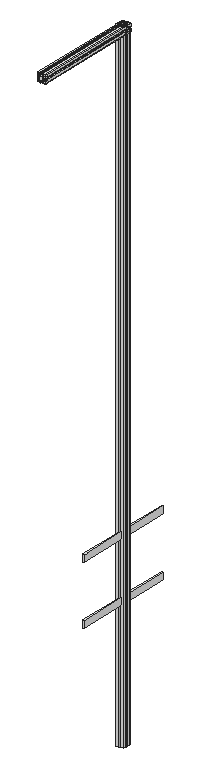
Revit family "Assmbly_PC2-Pole_2Bkt-Opp_Rakks", category Specialty Equipment, Revit 2026
Family settings
  Round Connector Dimension = Use Diameter
  Part Type = Normal
  Classification Number = 23.40.50.31.11.14
  Work Plane-Based = No
  Enable Cutting in Views = No
  Always vertical = Yes
  Cut with Voids When Loaded = No
  Maintain Annotation Orientation = No
  Shared = Yes
  Room Calculation Point = No
Parameters
  Warranty Duration (Years) = 0
  Wall Location [instance] = 1' - 7.30285"
  Unit Height [instance] = 10' - 0"
  URL = "http://www.rakks.com/"
  Type Comments = "Universal and Aria Brackets may not be used with SQ Standards"
  Test Data = "http://www.rakks.com/pdfs/Rangine_Corporation_Leed_Statement.pdf"
  Pole Type [instance] = Pole-PC2_Rakks : G Mount
  Specification = "http://www.arcat.com/sdspecs/htm/10670rak.htm"
  Shelf Overhang = 0' - 2"
  Shelf Length [instance] = 3' - 0"
  Send Message = "http://www.arcat.com/users.pl?action=UserEmail&company=Rangine%20Corp.%20-%20Rakks&coid=35076&rep=116&fax=781-455-8702&mf="
  Sales Information = "http://store.rakks.com/"
  Revision = "R1_03-2010"
  Product Properties = "http://www.arcat.com/bim/bim_info.pl?fn=Shelving_Rakks"
  Product Data = "http://www.arcat.com/arcatcos/cos35/arc35076.html"
  Model = ""
  Material = Metal - Clear Anodized
  Manufacturer's Notes = "Aluminum Shelves may only be used with rectangular brackets"
  Manufacturer Website = "http://www.rakks.com/"
  Manufacturer Phone - Toll Free = "800-826-6006"
  Manufacturer Phone = "781-455-8700"
  Manufacturer Fax = "781-455-8702"
  Manufacturer Address = "330 Reservoir St., Needham, MA 02494"
  Manufacturer = "Rangine Corp. - Rakks"
  Maintenance Schedule (Months) = 0
  Keynote = "10 56 00"
  Installation-Fabrication = "http://www.rakks.com/literature/install.html"
  Installation Phase = ""
  Ht8 [instance] = 1' - 1"
  Ht7 [instance] = 1' - 1"
  Ht6 [instance] = 0' - 11 15/32"
  Ht5 [instance] = 0' - 10 25/32"
  Ht4 [instance] = 1' - 2"
  Ht3 [instance] = 1' - 4"
  Ht2 [instance] = 0' - 11"
  Ht1 [instance] = 2' - 0 3/4"
  Green Building-LEED = "http://www.arcat.com/green/clients/leed_data_35076.html"
  Expected Lifespan (Years) = 0
  Drawn By = "Robert S. Weygant, CSI, CDT, SCIP"
  Description = ""
  Default Elevation = 0' - 0"
  Copyright = "2010, ARCAT, Inc"
  Construction Details = "http://www.arcat.com/details/rangine/rangine.html?coid=35076"
  Capacity (Weight) = 0.00 lbf
  Building Codes = ""
  Brackets [instance] = 2
  Bracket Type [instance] = Bkt-Rectangular_Rakks : Bkt-Rectangular_Rakks
  Bracket Location = 0' - 0 3/8"
  Assembly Code = "E1010500"
  8Bkt [instance] = Brackets > 7  # no
  7Bkt [instance] = Brackets > 6  # no
  6Bkt [instance] = Brackets > 5  # no
  5Bkt [instance] = Brackets > 4  # no
  4Bkt [instance] = Brackets > 3  # no
  3Bkt [instance] = Brackets > 2  # no
  2Bkt [instance] = Brackets > 1  # yes
Reference planes (in)
  plane 1 "Center (Front/Back)": y = 0
  plane 2: z = 0
  plane 3 "Center (Left/Right)": x = 0.21548
  plane 4: z = 120
  plane 5: y = -0.375
  plane 6: z = 24.75
  plane 7: z = 35.75
  plane 8: z = 51.75
  plane 9: z = 65.75
  plane 10: z = 76.53125
  plane 11: z = 88
  plane 12: x = 34.21548
  plane 13: x = -1.78452
  plane 14: x = 32.21548
  plane 15: y = -0.75
  plane 16: z = 101
  plane 17: z = 114
  plane 18: y = 0.375
  plane 19: y = 0.75
  plane 20: x = -0.15952
  plane 21: x = 0.59048
  plane 22: y = -18.92785
Dimensions and locks (in)
  "Unit Height": plane 4 to plane 2
  "Bracket Location": plane 5 to plane 1 "Center (Front/Back)"
  "Ht1": plane 6 to plane 2
  "Ht2": plane 7 to plane 6
  "Ht3": plane 8 to plane 7
  "Ht4": plane 9 to plane 8
  "Ht5": plane 10 to plane 9
  "Ht6": plane 11 to plane 10
  "Shelf Overhang": plane 13 to plane 3 "Center (Left/Right)"
  "Shelf Overhang": plane 14 to plane 12
  "Shelf Length": plane 13 to plane 12
  locked: plane 15 to plane 1 "Center (Front/Back)" at 0.75
  "Ht7": plane 16 to plane 11
  "Ht8": plane 17 to plane 16
  "Bracket Location": plane 1 "Center (Front/Back)" to plane 18
  locked: plane 1 "Center (Front/Back)" to plane 19 at 0.75
  "Bracket Location": plane 20 to plane 3 "Center (Left/Right)"
  "Bracket Location": plane 3 "Center (Left/Right)" to plane 21
  "Wall Location": plane 18 to plane 22
  aligned and locked: nested 1 to plane 3 "Center (Left/Right)"
  aligned and locked: plane 1 "Center (Front/Back)" to nested 1
  aligned and locked: nested 2 to plane 3 "Center (Left/Right)"
  aligned and locked: nested 2 to plane 5
  aligned and locked: plane 6 to nested 2
  aligned and locked: plane 11 to nested 7
  aligned and locked: plane 10 to nested 6
  aligned and locked: plane 9 to nested 5
  aligned and locked: plane 8 to nested 4
  aligned and locked: plane 7 to nested 3
  aligned and locked: plane 16 to nested 8
  aligned and locked: nested 8 to plane 5
  aligned and locked: plane 17 to nested 9
  aligned and locked: nested 9 to plane 5
  aligned and locked: plane 3 "Center (Left/Right)" to nested 5
  aligned and locked: plane 3 "Center (Left/Right)" to nested 6
  aligned and locked: plane 3 "Center (Left/Right)" to nested 7
  aligned and locked: plane 3 "Center (Left/Right)" to nested 4
  aligned and locked: plane 3 "Center (Left/Right)" to nested 3
  aligned and locked: nested 11 to plane 3 "Center (Left/Right)"
  aligned and locked: nested 10 to plane 3 "Center (Left/Right)"
  aligned and locked: nested 12 to plane 3 "Center (Left/Right)"
  aligned and locked: nested 13 to plane 3 "Center (Left/Right)"
  aligned and locked: nested 14 to plane 3 "Center (Left/Right)"
  aligned and locked: nested 15 to plane 3 "Center (Left/Right)"
  aligned and locked: plane 3 "Center (Left/Right)" to nested 16
  aligned and locked: plane 3 "Center (Left/Right)" to nested 17
  aligned and locked: nested 17 to plane 17
  aligned and locked: nested 16 to plane 16
  aligned and locked: nested 15 to plane 11
  aligned and locked: nested 14 to plane 10
  aligned and locked: nested 13 to plane 9
  aligned and locked: nested 12 to plane 8
  aligned and locked: nested 11 to plane 7
  aligned and locked: nested 10 to plane 6
  aligned and locked: nested 10 to plane 18
  aligned and locked: nested 11 to plane 18
  aligned and locked: nested 12 to plane 18
  aligned and locked: nested 13 to plane 18
  aligned and locked: nested 14 to plane 18
  aligned and locked: nested 15 to plane 18
  aligned and locked: nested 16 to plane 18
  aligned and locked: nested 17 to plane 18
  aligned and locked: nested 7 to plane 5
  aligned and locked: nested 6 to plane 5
  aligned and locked: nested 5 to plane 5
  aligned and locked: nested 4 to plane 5
  aligned and locked: nested 3 to plane 5
  aligned and locked: nested 1 to plane 22
Nested families (in)
  nested 1: "Pole-PC2_Rakks" at (0.21548, 0, 0), type <- "Pole Type", Unit Height <- "Unit Height", type "G Mount"
    with Wall Location 1' - 6.92785", Unit Height 10' - 0", Return to Wall yes
  nested 2: "Bkt-Rectangular_Rakks" at (0.21548, -0.375, 24.75), type <- "Bracket Type", type "Bkt-Rectangular_Rakks"
  nested 3: "Bkt-Rectangular_Rakks" at (0.21548, -0.375, 35.75), type <- "Bracket Type", visible <- "2Bkt", type "Bkt-Rectangular_Rakks"
  nested 4: "Bkt-Rectangular_Rakks" at (0.21548, -0.375, 51.75), type <- "Bracket Type", visible <- "3Bkt", type "Bkt-Rectangular_Rakks"
  nested 5: "Bkt-Rectangular_Rakks" at (0.21548, -0.375, 65.75), type <- "Bracket Type", visible <- "4Bkt", type "Bkt-Rectangular_Rakks"
  nested 6: "Bkt-Rectangular_Rakks" at (0.21548, -0.375, 76.53125), type <- "Bracket Type", visible <- "5Bkt", type "Bkt-Rectangular_Rakks"
  nested 7: "Bkt-Rectangular_Rakks" at (0.21548, -0.375, 88), type <- "Bracket Type", visible <- "6Bkt", type "Bkt-Rectangular_Rakks"
  nested 8: "Bkt-Rectangular_Rakks" at (0, -0.375, 101), type <- "Bracket Type", visible <- "7Bkt", type "Bkt-Rectangular_Rakks"
  nested 9: "Bkt-Rectangular_Rakks" at (0, -0.375, 114), type <- "Bracket Type", visible <- "8Bkt", type "Bkt-Rectangular_Rakks"
  nested 10: "Bkt-Rectangular_Rakks" at (0.21548, 0.375, 24.75), type <- "Bracket Type", type "Bkt-Rectangular_Rakks"
  nested 11: "Bkt-Rectangular_Rakks" at (0.21548, 0.375, 35.75), type <- "Bracket Type", visible <- "2Bkt", type "Bkt-Rectangular_Rakks"
  nested 12: "Bkt-Rectangular_Rakks" at (0.21548, 0.375, 51.75), type <- "Bracket Type", visible <- "3Bkt", type "Bkt-Rectangular_Rakks"
  nested 13: "Bkt-Rectangular_Rakks" at (0.21548, 0.375, 65.75), type <- "Bracket Type", visible <- "4Bkt", type "Bkt-Rectangular_Rakks"
  nested 14: "Bkt-Rectangular_Rakks" at (0.21548, 0.375, 76.53125), type <- "Bracket Type", visible <- "5Bkt", type "Bkt-Rectangular_Rakks"
  nested 15: "Bkt-Rectangular_Rakks" at (0.21548, 0.375, 88), type <- "Bracket Type", visible <- "6Bkt", type "Bkt-Rectangular_Rakks"
  nested 16: "Bkt-Rectangular_Rakks" at (0.21548, 0.375, 101), type <- "Bracket Type", visible <- "7Bkt", type "Bkt-Rectangular_Rakks"
  nested 17: "Bkt-Rectangular_Rakks" at (0.21548, 0.375, 114), type <- "Bracket Type", visible <- "8Bkt", type "Bkt-Rectangular_Rakks"
Definition of nested family "Pole-PC2_Rakks"
  Parameters
    Warranty Duration (Years) = 0
    Wall Location [instance] = 1' - 3.74063"
    Unit Height [instance] = 9' - 0"
    URL = "http://www.rakks.com/"
    Test Data = "http://www.rakks.com/pdfs/Rangine_Corporation_Leed_Statement.pdf"
    Specification = "http://www.arcat.com/sdspecs/htm/10670rak.htm"
    Send Message = "http://www.arcat.com/users.pl?action=UserEmail&company=Rangine%20Corp.%20-%20Rakks&coid=35076&rep=116&fax=781-455-8702&mf="
    Sales Information = "http://store.rakks.com/"
    Revision = "R1_03-2010"
    Return to Wall = no
    Product Properties = "http://www.arcat.com/bim/bim_info.pl?fn=Shelving_Rakks"
    Product Data = "http://www.arcat.com/arcatcos/cos35/arc35076.html"
    Model = ""
    Material = none
    Manufacturer Website = "http://www.rakks.com/"
    Manufacturer Phone - Toll Free = "800-826-6006"
    Manufacturer Phone = "781-455-8700"
    Manufacturer Fax = "781-455-8702"
    Manufacturer Address = "330 Reservoir St., Needham, MA 02494"
    Manufacturer = "Rangine Corp. - Rakks"
    Maintenance Schedule (Months) = 0
    Keynote = "10 56 00"
    Installation-Fabrication = "http://www.rakks.com/literature/install.html"
    Installation Phase = ""
    Green Building-LEED = "http://www.arcat.com/green/clients/leed_data_35076.html"
    Expected Lifespan (Years) = 0
    Drawn By = "Robert S. Weygant, CSI, CDT, SCIP"
    Description = ""
    Default Elevation = 0' - 0"
    Copyright = "2010, ARCAT, Inc"
    Construction Details = "http://www.arcat.com/details/rangine/rangine.html?coid=35076"
    Capacity (Weight) = 0.00 lbf
    Building Codes = ""
    Assembly Code = "E1010500"
  Reference planes (in)
    plane 1 "Center (Front/Back)": y = 0
    plane 2: z = 0
    plane 3 "Center (Left/Right)": x = 0
    plane 4: z = 108
    plane 5: x = -0.75
    plane 6: y = 0.75
    plane 7: y = -0.75
    plane 8: x = 0.75
    plane 9: y = -15.74063
  Forms (in)
    Extrusion 1, solid, material <- "Material"
      sketch origin (0, 0, 0) x (1, 0, 0) y (0, 1, 0)
        loop
          arc (-0.75, 0.19) -> (-0.71772, 0.13529) -> (-0.65423, 0.13709) r 0.0625
          line (-0.65423, 0.13709) -> (-0.63573, 0.10537) -> (-0.31673, 0.10537) -> (-0.31673, -0.08463) -> (-0.61073, -0.08463) -> (-0.6453, -0.1439)
          arc (-0.6453, -0.1439) -> (-0.71269, -0.1328) -> (-0.75, -0.19) r 0.0625
          line (-0.75, -0.19) -> (-0.75, -0.688)
          arc (-0.75, -0.688) -> (-0.73184, -0.73184) -> (-0.688, -0.75) r 0.062
          line (-0.688, -0.75) -> (-0.19, -0.75)
          arc (-0.19, -0.75) -> (-0.14, -0.7) -> (-0.19, -0.65) r 0.05
          line (-0.19, -0.65) -> (-0.455, -0.65)
          arc (-0.455, -0.65) -> (-0.57521, -0.60021) -> (-0.625, -0.48) r 0.17
          line (-0.625, -0.48) -> (-0.625, -0.355)
          arc (-0.625, -0.355) -> (-0.57521, -0.23479) -> (-0.455, -0.185) r 0.17
          line (-0.455, -0.185) -> (-0.31, -0.185) -> (-0.31, -0.31) -> (0.31, -0.31) -> (0.31, -0.185) -> (0.455, -0.185)
          arc (0.455, -0.185) -> (0.57521, -0.23479) -> (0.625, -0.355) r 0.17
          line (0.625, -0.355) -> (0.625, -0.48)
          arc (0.625, -0.48) -> (0.57521, -0.60021) -> (0.455, -0.65) r 0.17
          line (0.455, -0.65) -> (0.19, -0.65)
          arc (0.19, -0.65) -> (0.14, -0.7) -> (0.19, -0.75) r 0.05
          line (0.19, -0.75) -> (0.688, -0.75)
          arc (0.688, -0.75) -> (0.73184, -0.73184) -> (0.75, -0.688) r 0.062
          line (0.75, -0.688) -> (0.75, -0.19)
          arc (0.75, -0.19) -> (0.71269, -0.1328) -> (0.6453, -0.1439) r 0.0625
          line (0.6453, -0.1439) -> (0.61073, -0.08463) -> (0.31673, -0.08463) -> (0.31673, 0.10537) -> (0.63573, 0.10537) -> (0.65423, 0.13709)
          arc (0.65423, 0.13709) -> (0.71772, 0.13529) -> (0.75, 0.19) r 0.0625
          line (0.75, 0.19) -> (0.75, 0.688)
          arc (0.75, 0.688) -> (0.73184, 0.73184) -> (0.688, 0.75) r 0.062
          line (0.688, 0.75) -> (0.19, 0.75)
          arc (0.19, 0.75) -> (0.14, 0.7) -> (0.19, 0.65) r 0.05
          line (0.19, 0.65) -> (0.455, 0.65)
          arc (0.455, 0.65) -> (0.57521, 0.60021) -> (0.625, 0.48) r 0.17
          line (0.625, 0.48) -> (0.625, 0.355)
          arc (0.625, 0.355) -> (0.57521, 0.23479) -> (0.455, 0.185) r 0.17
          line (0.455, 0.185) -> (0.31, 0.185) -> (0.31, 0.31) -> (-0.31, 0.31) -> (-0.31, 0.185) -> (-0.455, 0.185)
          arc (-0.455, 0.185) -> (-0.57521, 0.23479) -> (-0.625, 0.355) r 0.17
          line (-0.625, 0.355) -> (-0.625, 0.48)
          arc (-0.625, 0.48) -> (-0.57521, 0.60021) -> (-0.455, 0.65) r 0.17
          line (-0.455, 0.65) -> (-0.19, 0.65)
          arc (-0.19, 0.65) -> (-0.14, 0.7) -> (-0.19, 0.75) r 0.05
          line (-0.19, 0.75) -> (-0.688, 0.75)
          arc (-0.688, 0.75) -> (-0.73184, 0.73184) -> (-0.75, 0.688) r 0.062
          line (-0.75, 0.688) -> (-0.75, 0.19)
      from 0 to 108
    Extrusion 2, solid, material <- "Material", visible <- "Return to Wall"
      sketch origin (0, 0, 0) x (1, 0, 0) y (0, 0, 1)
        loop
          arc (-0.75, 107.44) -> (-0.71772, 107.38529) -> (-0.65423, 107.38709) r 0.0625
          line (-0.65423, 107.38709) -> (-0.63573, 107.35537) -> (-0.31673, 107.35537) -> (-0.31673, 107.16537) -> (-0.61073, 107.16537) -> (-0.6453, 107.1061)
          arc (-0.6453, 107.1061) -> (-0.71269, 107.1172) -> (-0.75, 107.06) r 0.0625
          line (-0.75, 107.06) -> (-0.75, 106.562)
          arc (-0.75, 106.562) -> (-0.73184, 106.51816) -> (-0.688, 106.5) r 0.062
          line (-0.688, 106.5) -> (-0.19, 106.5)
          arc (-0.19, 106.5) -> (-0.14, 106.55) -> (-0.19, 106.6) r 0.05
          line (-0.19, 106.6) -> (-0.455, 106.6)
          arc (-0.455, 106.6) -> (-0.57521, 106.64979) -> (-0.625, 106.77) r 0.17
          line (-0.625, 106.77) -> (-0.625, 106.895)
          arc (-0.625, 106.895) -> (-0.57521, 107.01521) -> (-0.455, 107.065) r 0.17
          line (-0.455, 107.065) -> (-0.31, 107.065) -> (-0.31, 106.94) -> (0.31, 106.94) -> (0.31, 107.065) -> (0.455, 107.065)
          arc (0.455, 107.065) -> (0.57521, 107.01521) -> (0.625, 106.895) r 0.17
          line (0.625, 106.895) -> (0.625, 106.77)
          arc (0.625, 106.77) -> (0.57521, 106.64979) -> (0.455, 106.6) r 0.17
          line (0.455, 106.6) -> (0.19, 106.6)
          arc (0.19, 106.6) -> (0.14, 106.55) -> (0.19, 106.5) r 0.05
          line (0.19, 106.5) -> (0.688, 106.5)
          arc (0.688, 106.5) -> (0.73184, 106.51816) -> (0.75, 106.562) r 0.062
          line (0.75, 106.562) -> (0.75, 107.06)
          arc (0.75, 107.06) -> (0.71269, 107.1172) -> (0.6453, 107.1061) r 0.0625
          line (0.6453, 107.1061) -> (0.61073, 107.16537) -> (0.31673, 107.16537) -> (0.31673, 107.35537) -> (0.63573, 107.35537) -> (0.65423, 107.38709)
          arc (0.65423, 107.38709) -> (0.71772, 107.38529) -> (0.75, 107.44) r 0.0625
          line (0.75, 107.44) -> (0.75, 107.938)
          arc (0.75, 107.938) -> (0.73184, 107.98184) -> (0.688, 108) r 0.062
          line (0.688, 108) -> (0.19, 108)
          arc (0.19, 108) -> (0.14, 107.95) -> (0.19, 107.9) r 0.05
          line (0.19, 107.9) -> (0.455, 107.9)
          arc (0.455, 107.9) -> (0.57521, 107.85021) -> (0.625, 107.73) r 0.17
          line (0.625, 107.73) -> (0.625, 107.605)
          arc (0.625, 107.605) -> (0.57521, 107.48479) -> (0.455, 107.435) r 0.17
          line (0.455, 107.435) -> (0.31, 107.435) -> (0.31, 107.56) -> (-0.31, 107.56) -> (-0.31, 107.435) -> (-0.455, 107.435)
          arc (-0.455, 107.435) -> (-0.57521, 107.48479) -> (-0.625, 107.605) r 0.17
          line (-0.625, 107.605) -> (-0.625, 107.73)
          arc (-0.625, 107.73) -> (-0.57521, 107.85021) -> (-0.455, 107.9) r 0.17
          line (-0.455, 107.9) -> (-0.19, 107.9)
          arc (-0.19, 107.9) -> (-0.14, 107.95) -> (-0.19, 108) r 0.05
          line (-0.19, 108) -> (-0.688, 108)
          arc (-0.688, 108) -> (-0.73184, 107.98184) -> (-0.75, 107.938) r 0.062
          line (-0.75, 107.938) -> (-0.75, 107.44)
      from -0.75 to 15.74063
  Dimensions and locks (in)
    "Unit Height": plane 4 to plane 2
    "Wall Location": plane 1 "Center (Front/Back)" to plane 9
    aligned and locked: plane 4 to Extrusion 1
    aligned and locked: Extrusion 2 to Extrusion 1
    aligned and locked: plane 9 to Extrusion 2
  Automatic sketch dimensions
    Extrusion 1 sketch curve to plane 1 "Center (Front/Back)" = 0' - 0.19"
    Extrusion 1 sketch curve to plane 3 "Center (Left/Right)" = 0' - 0 3/4"  (x2)
    Extrusion 1 sketch curve to Extrusion 1 sketch curve = 0' - 0.062"  (x4)
    Extrusion 1 sketch curve to Extrusion 1 sketch curve = 0' - 0 1/16"  (x3)
    Extrusion 1 sketch curve to plane 1 "Center (Front/Back)" = 0' - 0.13709"  (x2)
    Extrusion 1 sketch curve to Extrusion 1 sketch curve = 0' - 0.0422"  (x2)
    Extrusion 1 sketch curve to Extrusion 1 sketch curve = 0' - 0.01851"  (x2)
    Extrusion 1 sketch curve to Extrusion 1 sketch curve = 0' - 0.063"
    plane 1 "Center (Front/Back)" to Extrusion 1 sketch curve = 0' - 0.08463"  (x2)
    Extrusion 1 sketch curve to Extrusion 1 sketch curve = 0' - 0.03457"  (x2)
    Extrusion 1 sketch curve to Extrusion 1 sketch curve = 0' - 0.18073"
    Extrusion 1 sketch curve to Extrusion 1 sketch curve = 0' - 0.233"  (x4)
    Extrusion 1 sketch curve to Extrusion 1 sketch curve = 0' - 0.15573"  (x2)
    Extrusion 1 sketch curve to Extrusion 1 sketch curve = 0' - 0.13827"
    Extrusion 1 sketch curve to Extrusion 1 sketch curve = 0' - 0.00673"  (x2)
    Extrusion 1 sketch curve to Extrusion 1 sketch curve = 0' - 0.145"  (x3)
    Extrusion 1 sketch curve to plane 3 "Center (Left/Right)" = 0' - 0.19"  (x2)
    plane 3 "Center (Left/Right)" to Extrusion 1 sketch curve = 0' - 0.19"  (x2)
    plane 3 "Center (Left/Right)" to Extrusion 1 sketch curve = 0' - 0.31"  (x2)
    plane 1 "Center (Front/Back)" to Extrusion 1 sketch curve = 0' - 0.185"
    Extrusion 1 sketch curve to Extrusion 1 sketch curve = 0' - 0.265"  (x2)
    Extrusion 1 sketch curve to Extrusion 1 sketch curve = 0' - 0.17"  (x2)
    Extrusion 1 sketch curve to plane 1 "Center (Front/Back)" = 0' - 0.10537"  (x2)
    Extrusion 1 sketch curve to Extrusion 1 sketch curve = 0' - 0.025"
    Extrusion 1 sketch curve to Extrusion 1 sketch curve = 0' - 0.03327"
    Extrusion 1 sketch curve to Extrusion 1 sketch curve = 0' - 0.39537"
    Extrusion 1 sketch curve to Extrusion 1 sketch curve = 0' - 0 1/8"  (x6)
    Extrusion 1 sketch curve to Extrusion 1 sketch curve = 0' - 0.208"  (x4)
    Extrusion 1 sketch curve to Extrusion 1 sketch curve = 0' - 0.10537"  (x2)
    Extrusion 1 sketch curve to Extrusion 1 sketch curve = 0' - 0.07963"  (x2)
    Extrusion 2 sketch curve to plane 4 = 0' - 0.56"
    plane 5 to Extrusion 2 sketch curve = 0' - 0"
    Extrusion 2 sketch curve to Extrusion 2 sketch curve = 0' - 0"  (x3)
    Extrusion 2 sketch curve to Extrusion 2 sketch curve = 0' - 0.062"  (x4)
    Extrusion 2 sketch curve to Extrusion 2 sketch curve = 0' - 0 1/16"  (x3)
    Extrusion 2 sketch curve to plane 4 = 0' - 0.61291"
    Extrusion 2 sketch curve to Extrusion 2 sketch curve = 0' - 0.0422"  (x2)
    Extrusion 2 sketch curve to Extrusion 2 sketch curve = 0' - 0.01851"  (x2)
    Extrusion 2 sketch curve to Extrusion 2 sketch curve = 0' - 0.063"
    Extrusion 2 sketch curve to Extrusion 2 sketch curve = 0' - 0.03457"  (x2)
    Extrusion 2 sketch curve to Extrusion 2 sketch curve = 0' - 0.18073"
    Extrusion 2 sketch curve to Extrusion 2 sketch curve = 0' - 0.233"  (x4)
    Extrusion 2 sketch curve to Extrusion 2 sketch curve = 0' - 0.15573"  (x2)
    Extrusion 2 sketch curve to Extrusion 2 sketch curve = 0' - 0.13827"
    Extrusion 2 sketch curve to Extrusion 2 sketch curve = 0' - 0.00673"  (x2)
    Extrusion 2 sketch curve to Extrusion 2 sketch curve = 0' - 0.145"  (x3)
    Extrusion 2 sketch curve to Extrusion 2 sketch curve = 0' - 0.265"  (x4)
    Extrusion 2 sketch curve to Extrusion 2 sketch curve = 0' - 0.38"  (x2)
    Extrusion 2 sketch curve to Extrusion 2 sketch curve = 0' - 0.12"
    Extrusion 2 sketch curve to Extrusion 2 sketch curve = 0' - 0.17"  (x2)
    Extrusion 2 sketch curve to Extrusion 2 sketch curve = 0' - 0.025"
    Extrusion 2 sketch curve to Extrusion 2 sketch curve = 0' - 0.03327"
    Extrusion 2 sketch curve to Extrusion 2 sketch curve = 0' - 0.03172"  (x2)
    Extrusion 2 sketch curve to Extrusion 2 sketch curve = 0' - 0.19"  (x2)
    Extrusion 2 sketch curve to Extrusion 2 sketch curve = 0' - 0.05926"  (x2)
    Extrusion 2 sketch curve to Extrusion 2 sketch curve = 0' - 0.10037"  (x2)
    Extrusion 2 sketch curve to Extrusion 2 sketch curve = 0' - 0 1/8"  (x6)
    Extrusion 2 sketch curve to Extrusion 2 sketch curve = 0' - 0.208"  (x4)
    Extrusion 2 sketch curve to Extrusion 2 sketch curve = 0' - 0.07963"  (x2)
Definition of nested family "Bkt-Rectangular_Rakks"
  Parameters
    Warranty Duration (Years) = 0
    Unit Depth = 0' - 8 3/4"
    URL = "http://www.rakks.com/"
    Test Data = "http://www.rakks.com/pdfs/Rangine_Corporation_Leed_Statement.pdf"
    Specification = "http://www.arcat.com/sdspecs/htm/10670rak.htm"
    Send Message = "http://www.arcat.com/users.pl?action=UserEmail&company=Rangine%20Corp.%20-%20Rakks&coid=35076&rep=116&fax=781-455-8702&mf="
    Sales Information = "http://store.rakks.com/"
    Default Elevation = 0' - 0"
    Bracket Thickness = 0' - 0 1/4"
    Bracket Depth = 0' - 1 1/4"
    Revision = "R1_03-2010"
    Product Properties = "http://www.arcat.com/bim/bim_info.pl?fn=Shelving_Rakks"
    Product Data = "http://www.arcat.com/arcatcos/cos35/arc35076.html"
    Model = ""
    Material = none
    Manufacturer Website = "http://www.rakks.com/"
    Manufacturer Phone - Toll Free = "800-826-6006"
    Manufacturer Phone = "781-455-8700"
    Manufacturer Fax = "781-455-8702"
    Manufacturer Address = "330 Reservoir St., Needham, MA 02494"
    Manufacturer = "Rangine Corp. - Rakks"
    Maintenance Schedule (Months) = 0
    Keynote = "10 56 00"
    Installation-Fabrication = "http://www.rakks.com/literature/install.html"
    Installation Phase = ""
    Green Building-LEED = "http://www.arcat.com/green/clients/leed_data_35076.html"
    Expected Lifespan (Years) = 0
    Drawn By = "Robert S. Weygant, CSI, CDT, SCIP"
    Description = ""
    Copyright = "2010, ARCAT, Inc"
    Construction Details = "http://www.arcat.com/details/rangine/rangine.html?coid=35076"
    Capacity (Weight) = 0.00 lbf
    Building Codes = ""
    Assembly Code = "E1010500"
  Reference planes (in)
    plane 1 "Back": y = 0
    plane 2: z = 0
    plane 3 "Center (Left/Right)": x = 0
    plane 4: y = -8.75
    plane 5: z = -1.25
    plane 6: x = -0.125
    plane 7: x = 0.125
    plane 8 "Mounting Face": y = -0.75
  Forms (in)
    Extrusion 1, solid, material <- "Material"
      sketch origin (0, 0, -0.5821) x (0, 1, 0) y (0, 0, 1)
        loop
          line (-8.75, -0.6679) -> (0, -0.6679) -> (0, 0.3321) -> (-0.25, 0.5821) -> (-8.75, 0.5821) -> (-8.75, -0.6679)
      from -0.125 to 0.125
  Dimensions and locks (in)
    "Unit Depth": plane 1 "Back" to plane 4
    "Bracket Depth": level to plane 5
    equal spacing: plane 7, plane 3 "Center (Left/Right)", plane 6
    "Bracket Thickness": plane 7 to plane 6
    aligned and locked: Extrusion 1 to plane 6
    aligned and locked: plane 7 to Extrusion 1
  Automatic sketch dimensions
    Extrusion 1 sketch curve to plane 4 = 0' - 0"
    Extrusion 1 sketch curve to level = 0' - 0"
    Extrusion 1 sketch curve to plane 1 "Back" = 0' - 0"
    Extrusion 1 sketch curve to plane 5 = 0' - 0"
    plane 1 "Back" to Extrusion 1 sketch curve = 0' - 0 1/4"
    Extrusion 1 sketch curve to level = 0' - 0 1/4"
